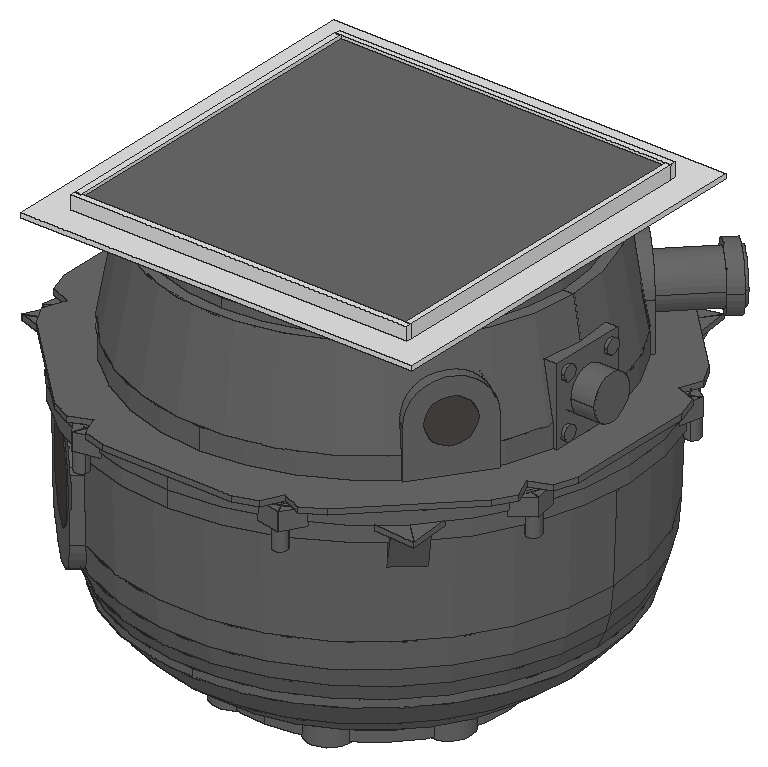
Revit family "281200s (200)", category Generic Models, Revit 2021
Family settings
  Can host rebar = No
  Round Connector Dimension = Use Diameter
  Part Type = Normal
  Work Plane-Based = No
  Always vertical = Yes
  Cut with Voids When Loaded = No
  Shared = Yes
  Room Calculation Point = No
Parameters (values of type "281200S")
  SUPPLIER = "KESSEL"
  SA700ID50 = "no"
  SA700ID49 = "Protection Class I"
  SA700ID48 = "no"
  SA700ID47 = "no"
  SA700ID46 = "yes"
  SA700ID37 = 9000 mm
  SA700ID34 = 15.5
  SA700ID33 = 1.4 W
  SA700ID32 = 17.92 kg
  SA700ID31 = 1
  SA700ID30 = 1
  SA700ID29 = "RWDR"
  SA700ID21 = 900
  SA700ID10 = "No"
  SA700ID08 = 230 V
  PROCUREWEBLINK = "https://p.caden.as/kessel/281200S"
  PROCURELINK = "p.caden.as/kessel/281200S"
  PROCUREDATALASTUPDATE = "2024-05-22T12:17:24.297080878+01:00"
  PRC_SPECIFICATIONLINK = "https://ausschreiben.de/catalog/kessel/catalogItem/5197d414-5d39-4807-8b5a-27041017a7ab"
  NN = "Lifting station Aqualift S compact"
  NBSYN = "$SA810ID03. ($LODLEVEL.)"
  NB = "281200S (200)"
  Model = "281200S"
  Manufacturer = "KESSEL"
  MIdent = "{$CADENAS_DATA/23d-libs/kessel/kessel_vdi_import/4/entwaesserung/hebeanlage20aqualift20s20compact.prj},216 {STYP=ASS},{VTYP=3D},{NB=281200S (200)},{LINA=281200S},{NN=Lifting station Aqualift S compact},{DATE=21.11.2022 10:40:35},{GEOMDATE=21.11.2022 10:40:35},{VERSION=},{LINEID=110},{WBVAR=LODLEVEL},{WBNUMERIC=LODLEVEL}  {NB=281200S (200)},{LINA=281200S},{KT=DUMMY},{PREVIEW=../../bilder/ksb_w_281200s.png},{SA700ID04=Hebeanlage Aqualift S Compact, Mono, GTF 1200, Bodenplatte, schwarz},{SA810ID06=04026092082621},{SA700ID34=15.50},{SA010ID03=201805},{SA810ID03=281200S},{SA810ID10=Die steckerfertige Hebeanlage für fäkalienfreies Abwasser ist mit einer überflutbaren Pumpe sowie einem Rückflussverhinderer ausgestattet. Der Sammelbehälter aus dauerhaft beständigem Kunststoff (PE) besitzt einen offenen Pumpenraum. Einhandverschlüsse ermöglichen die einfache Entnahme der integrierten Komponenten. Die Anlage zum Einbau in die Bodenplatte ist vormontiert zur bauseitigen Endmontage.- mit teleskopischem Aufsatzstück für stufenlosen Höhen- und Niveauausgleich und integriertem Bodenablauf- Sammelbehälter aus PE, beständig gegen aggressive Abwässer und 3 m Grundwasser- inklusive Rückflussverhinderer für die Druckleitung- inklusive Stutzen für Zulauf und Kabelleerrohr- Pumpe mit Freistromrad für höchste BetriebssicherheitAusführung:Anlagenart: EinzelanlagePumpensteuerung: SchwimmerschalterRückflussverhinderer: integriertAuslieferungszustand: installationsfertig (Verbindungsteile sind bauseits anzuschließen)Einbausituation: Einbau in die BodenplatteAbwasserart: fäkalienfreiAllgemeine Merkmale:Farbe: schwarzNorm: EN 12050-2Abmessungen:Länge: 617 mmBreite: 585 mmBehälter/Grundkörper:Zulauf Nennweite (DN): 100 mmDruckabgang (DN): 32 mmDruckabgang (DA): 40 mmEinbautiefe: 490 - 620 mmNutzvolumen: 16 lArt der Höhenverstellbarkeit: teleskopisches AufsatzstückAbdeckungsmerkmale:Abdeckungsart: Abdeckplatte mit SchlitzrostAbdeckung Material: KunststoffAbdeckung Farbe: schwarzBelastungsklasse: K 3 (EN 1253-1)Länge: 366 mmBreite: 366 mmVerriegelung: Lock & LiftFreier Kugeldurchgang: 30 mmFördereinrichtung:Pumpe: GTF 1200Anzahl Pumpen: 1Förderleistung max.: 15,5 m3/hFörderhöhe max.: 9 mBetriebsspannung: 230 VNetzfrequenz: 50 HzBetriebsart: S3 - 10 %Leistung P1: 1,4 kWLeistung P2: 0,84 kWDrehzahl: 2.650 U/minErforderliche Absicherung (Leitungsschutz): C 16 AFörderguttemperatur (dauerhaft) max.: 40 °CAnschlusstyp: Schuko 2-poligLaufrad Typ: FreistromradLänge Netzanschlussleitung Pumpe: 5 mNennstrom: 6,2 ASchutzart Pumpe: IP 68 (3m)Typ Anschlussleitung Pumpe: H07RN-F 3G 1,0 mm2Temperaturüberwachung: integriertSteuerung:Art Niveauerfassung: mechanischInstrument Niveauerfassung: Schwimmerschalter},{SA700ID37=9.00},{SA700ID33=1.40},{SA700ID08=230},{SA700ID30=1},{SA700ID32=17.92},{SA700ID49=Schutzklasse I},{SA700ID50=nein},{SA200ID03=6},{SA250ID03=vertikal},{SA260ID03=Trockenläuferpumpe},{SA350ID03=normalansaugend},{SA400ID03=E-Motor für Wechselstrom},{SA460ID03=direkt},{SA500ID03=Kunststoff, Edelstahl},{SA700ID06=32},{SA700ID07=100},{SA700ID09=1/N/PE 230V},{SA700ID10=Nein},{SA700ID11=50},{SA700ID12=IP 68},{SA700ID13=F},{SA700ID15=35},{SA700ID21=900.00},{SA700ID22=0.84},{SA700ID23=2650},{SA700ID24=2650},{SA700ID26=6.20},{SA700ID27=14.90},{SA700ID28=durchgehend},{SA700ID29=RWDR},{SA700ID31=1},{SA700ID46=ja},{SA700ID47=nein},{SA700ID48=nein},{SA110ID04=Hebeanlage Aqualift S Compact},{SA300ID03=einstufig},{SA700ID44=MIN},{SA700ID45=MIN},{SA010ID04=KESSEL AG},{LODLEVEL=200},{LINK=https://www.kessel.de/info?han=281200S},{SA970ID01=970},{SA970ID02=14121},{SA970ID03=281200S},{SA970ID04=11002617},{SA970ID05=QUAD},{SA970ID06=-326},{SA970ID07=-291.04},{SA970ID08=0},{SA970ID09=1},{SA970ID10=0},{SA970ID11=0},{SA970ID12=0},{SA970ID13=1},{SA970ID14=0},{SA970ID15=617.04},{SA970ID16=582.09},{SA970ID17=488.5},{LODLEVEL_=200,'Low'},{LODLEVEL_DEU=200,'Low'},{LINK_=https://www.kessel.de/info?han=281200S},{LINK_DEU=https://www.kessel.de/info?han=281200S},{LODLEVEL_3DB=281200S_200},{DNIN1=100},{DNIN2=125},{DNIN3=100},{DNIN4=100},{DNOUT1=70},{DNOUT2=32},{ISD1=60},{ISD2=10},{ISD3=10},{SA010ID01=010},{SA010ID02=4},{SA010ID06=www.kessel.de},{SA010ID07=www.kessel.de},{SA010ID12=20180713},{SA010ID13=DEU},{SA010ID14=DE},{SA100ID01=100},{SA100ID02=4},{SA100ID04=Entwässerung},{SA110ID01=110},{SA110ID02=30},{SA200ID01=200},{SA200ID02=6},{SA250ID01=250},{SA250ID02=2},{SA260ID01=260},{SA260ID02=2},{SA300ID01=300},{SA300ID02=1},{SA350ID01=350},{SA350ID02=1},{SA400ID01=400},{SA400ID02=1},{SA460ID01=460},{SA460ID02=1},{SA500ID01=500},{SA500ID02=1},{SA700ID01=700},{SA700ID02=198},{SA700ID10_=0},{SA700ID16=0},{SA700ID25=0},{SA700ID46_=1},{SA700ID47_=0},{SA700ID48_=0},{SA700ID49_=1},{SA700ID50_=0},{SA800ID01=800},{SA800ID02=13},{SA810ID01=810},{SA810ID02=198},{SA810ID04=281200S},{SA810ID07=198},{SA810ID09=1},{SA810ID14=PCE},{SA810ID15=1},{SA810ID16=NMP},{SA960ID03=198},{SA960ID04=3L},{SA960ID08=https://www.kessel.de/info?han=281200S},{SA010ID08=4026092000007},{SA100ID05=Hebeanlage},{SA110ID06=Hebeanlage}"
  LINK = "https://www.kessel.de/info?han=281200S"
  LINA = "281200S"
  Default Elevation = 0 mm
  CREATOR = "CADENAS GmbH"
  CATALOG = "KESSEL"
  BOMINFO = "LINA"
  ARTICLENO = "NB"
  4.810.00.9 Order quantity (multiplicator) = "1"
  4.810.00.7 Media- connection number = "198"
  4.810.00.6 GTIN number = "04026092082621"
  4.810.00.4 DATANORM number = "281200S"
  4.810.00.3 Producer order number = "281200S"
  4.710.03.7 Mass (net) = 17.92 kg
  4.710.03.6 Height = 490 mm
  4.710.03.5 Width = 580 mm
  4.710.03.4 Length = 620 mm
  4.710.03.3 Type of dimensions = "2"
  4.710.02.8 Area of application of wastewater pump = "2"
  4.710.02.7 Art des S2/S3-Betriebs = "50 %"
  4.710.02.6 Duty type = "S3"
  4.710.02.5 Cutting device = "0"
  4.710.02.4 Attached pump control = "1"
  4.710.02.3 Free passage = 30 mm
  4.710.01.6 Option to connect to building automation = "30"
  4.710.01.5 Load regulation = "0"
  4.710.01.4 Designation of closed-loop control = "16"
  4.700.00.9 Voltage = 0
  4.700.00.8 Nominal connection size on suction side = "100"
  4.700.00.7 Nominal connection size on pressure side = "100"
  4.700.00.6 Type of connection = "32"
  4.700.00.4 Product indentification = "Hebeanlage Aqualift S Compact, Mono, GTF 1200, Bodenplatte, schwarz"
  4.700.00.28 Motor pump shaft = "durchgehend"
  4.700.00.27 Starting current = 14.9
  4.700.00.26 Maximum power consumption per pump / drive = 6.2
  4.700.00.25 Minimum speed at internal speed adjustment = 0
  4.700.00.24 Nominal speed / maximum speed n = 44.1667
  4.700.00.23 Nominal speed of motor = 44.1667
  4.700.00.22 Maximum shaft output (P2) per pump/drive = 0.84 W
  4.700.00.16 Maximum temperature of pumped medium = 0 °C
  4.700.00.15 Increased safety class = "35 °C"
  4.700.00.13 Type of protection = "F"
  4.700.00.12 Frequency = 0
  4.700.00.11 Stern-/Dreieck-Anlaufschaltung bei Dreiphasenanschluss oder Drehstrom = "50 Hz"
  4.700.00.10 Phase = "0"
  4.500.00.3 Variant / Variant type / Accessories-name = "Kunststoff, Edelstahl"
  4.460.00.3 Variant / Variant type / Accessories-name = "direkt"
  4.400.00.3 Variant / Variant type / Accessories-name = "E-Motor für Wechselstrom"
  4.350.00.3 Variant / Variant type / Accessories-name = "normalansaugend"
  4.300.00.3 Variant / Variant type / Accessories-name = "einstufig"
  4.260.00.3 Variant / Variant type / Accessories-name = "Trockenläuferpumpe"
  4.250.00.3 Variant / Variant type / Accessories-name = "vertikal"
  4.200.00.3 Variant / Variant type / Accessories-name = "6"
  4.110.00.6 Product classification = "Hebeanlage"
  4.110.00.4 Product indentification = "Hebeanlage Aqualift S Compact"
  4.100.00.5 Main groups of wares = "Hebeanlage"
  4.100.00.4 Product indentification = "Entwässerung"
  4.010.00.8 Producer ID number = "4026092000007"
  4.010.00.7 Comment = "www.kessel.de"
  4.010.00.6 Web address of the manufacturer = "www.kessel.de"
  4.010.00.4 Manufacturer name = "KESSEL AG"
  4.010.00.3 Date of issuance (month) of guideline = "201805"
  4.010.00.2 Sheet number of the guideline = "4"
  4.010.00.14 Kennungen der Projektländer, für die die Datei gültig ist = "DE"
  4.010.00.13 Sprache der Datei = "DEU"
  4.010.00.12 Stand des Herstellerkatalogs = "20180713"
Reference planes
  plane 1 "Center (Front/Back)": y = 0
  plane 2: z = 0
  plane 3 "Center (Left/Right)": x = 0
Forms (mm)
  Extrusion 1, void
    sketch origin (-197.283, 197.283, 209) x (-0.707107, -0.707107, 0) y (0, 0, -1)
      loop
        line (-0.5, -0.5) -> (0.5, -0.5) -> (0.5, 0.5) -> (-0.5, 0.5) -> (-0.5, -0.5)
    from 0 to 1
  Extrusion 2, void
    sketch origin (-197.283, -197.283, 209) x (0.707107, -0.707107, 0) y (0, 0, -1)
      loop
        line (-0.5, -0.5) -> (0.5, -0.5) -> (0.5, 0.5) -> (-0.5, 0.5) -> (-0.5, -0.5)
    from 0 to 1
Dimensions and locks
  locked: plane 2 to Extrusion 1 at 208.5
  locked: plane 2 to Extrusion 1 at 209.5
  locked: plane 2 to Extrusion 2 at 208.5
  locked: plane 2 to Extrusion 2 at 209.5
  aligned and locked: level to plane 2
Nested families
  nested 1: "281200s (200)_content" at (0, 0, 0), type "281200S (200)_Content"
  nested 2: "281200s (200)_part1_X0Y0" at (0, 0, 0), type "281200S_PART1_X0Y0"
Connectors
  piping at (-326, 0, 209), diameter 125
    settings: on nested 2, index 1, connector inside diameter 609.6 mm, connector length 0 mm, flow factor 0, pipe flow 0.0 L/s, pressure drop 0.0 Pa, fitting loss kfactor 0, connector angle 0.00°, fixture units 0, engagement length 0 mm, angle of deflection 0.00°, flow configuration 0, flow direction 1, fitting loss method 2, system type 29, joint type 0, gender type 0, connector reference index -1, connector utility 0, adjustable connector no, is connector primary yes, connector description ""
  piping at (-197.283, 197.283, 209), diameter 100
    settings: on Extrusion 1, index 2, connector inside diameter 609.6 mm, connector length 0 mm, flow factor 0, pipe flow 0.0 L/s, pressure drop 0.0 Pa, fitting loss kfactor 0, connector angle 0.00°, fixture units 0, engagement length 0 mm, angle of deflection 0.00°, flow configuration 0, flow direction 0, fitting loss method 2, system type 29, joint type 0, gender type 0, connector reference index -1, connector utility 0, adjustable connector no, is connector primary no, connector description ""
  piping at (-197.283, -197.283, 209), diameter 100
    settings: on Extrusion 2, index 3, connector inside diameter 609.6 mm, connector length 0 mm, flow factor 0, pipe flow 0.0 L/s, pressure drop 0.0 Pa, fitting loss kfactor 0, connector angle 0.00°, fixture units 0, engagement length 0 mm, angle of deflection 0.00°, flow configuration 0, flow direction 0, fitting loss method 2, system type 29, joint type 0, gender type 0, connector reference index -1, connector utility 0, adjustable connector no, is connector primary no, connector description ""
  piping at (-245.75, 0, 370), diameter 70
    settings: on nested 2, index 4, connector inside diameter 609.6 mm, connector length 0 mm, flow factor 0, pipe flow 0.0 L/s, pressure drop 0.0 Pa, fitting loss kfactor 0, connector angle 0.00°, fixture units 0, engagement length 0 mm, angle of deflection 0.00°, flow configuration 0, flow direction 0, fitting loss method 2, system type 29, joint type 0, gender type 0, connector reference index -1, connector utility 0, adjustable connector no, is connector primary no, connector description ""
  piping at (272.5, -3, 363.25), diameter 32
    settings: on nested 2, index 5, connector inside diameter 609.6 mm, connector length 0 mm, flow factor 0, pipe flow 0.0 L/s, pressure drop 0.0 Pa, fitting loss kfactor 0, connector angle 0.00°, fixture units 0, engagement length 0 mm, angle of deflection 0.00°, flow configuration 0, flow direction 2, fitting loss method 2, system type 29, joint type 0, gender type 0, connector reference index -1, connector utility 0, adjustable connector no, is connector primary no, connector description ""
  electrical at (227.236, 241.378, 376)
    settings: on nested 2, index 6, voltage 0 V, apparent load 0 VA, apparent load phase1 0 VA, apparent load phase2 0 VA, apparent load phase3 0 VA, power factor 1, load classification "Other", number of poles 1, system type 31, power factor state 1, is connector primary yes, connector utility no, sub classification motor no, connector description ""
  electrical at (241.378, 227.236, 364)
    settings: on nested 2, index 7, voltage 0 V, apparent load 0 VA, apparent load phase1 0 VA, apparent load phase2 0 VA, apparent load phase3 0 VA, power factor 1, load classification "Other", number of poles 1, system type 31, power factor state 1, is connector primary no, connector utility no, sub classification motor no, connector description ""
  electrical at (241.378, 227.236, 376)
    settings: on nested 2, index 8, voltage 0 V, apparent load 0 VA, apparent load phase1 0 VA, apparent load phase2 0 VA, apparent load phase3 0 VA, power factor 1, load classification "Other", number of poles 1, system type 31, power factor state 1, is connector primary no, connector utility no, sub classification motor no, connector description ""
  electrical at (227.236, 241.378, 364)
    settings: on nested 2, index 9, voltage 0 V, apparent load 0 VA, apparent load phase1 0 VA, apparent load phase2 0 VA, apparent load phase3 0 VA, power factor 1, load classification "Other", number of poles 1, system type 31, power factor state 1, is connector primary no, connector utility no, sub classification motor no, connector description ""
Definition of nested family "281200s (200)_part1_X0Y0"
  Parameters (values of type "281200S_PART1_X0Y0")
    SUPPLIER = "KESSEL"
    SA700ID50 = "no"
    SA700ID49 = "Protection Class I"
    SA700ID48 = "no"
    SA700ID47 = "no"
    SA700ID46 = "yes"
    SA700ID37 = 9000 mm
    SA700ID34 = 15.5
    SA700ID33 = 1.4 W
    SA700ID32 = 17.92 kg
    SA700ID31 = 1
    SA700ID30 = 1
    SA700ID29 = "RWDR"
    SA700ID21 = 900
    SA700ID10 = "No"
    SA700ID08 = 230 V
    NBSYN = "$SA810ID03. ($LODLEVEL.)_PART1"
    NB = "281200S (200)_PART1"
    Model = "281200S_PART1"
    Manufacturer = "KESSEL"
    MIdent = "{$CADENAS_DATA/23d-libs/kessel/kessel_vdi_import/4/entwaesserung/hebeanlage20aqualift20s20compact.prj},236 {VTYP=3D},{NB=281200S (200)_PART1},{LINA=281200S_PART1},{NN=Lifting station Aqualift S compact_PART1},{NOPRJ=TRUE},{DATE=21.11.2022 10:40:35},{GEOMDATE=21.11.2022 10:40:35},{VERSION=},{LINEID=110},{WBVAR=LODLEVEL},{WBNUMERIC=LODLEVEL}  {NB=281200S (200)_PART1},{LINA=281200S_PART1},{KT=DUMMY},{PREVIEW=../../bilder/ksb_w_281200s.png},{SA700ID04=Hebeanlage Aqualift S Compact, Mono, GTF 1200, Bodenplatte, schwarz},{SA810ID06=04026092082621},{SA700ID34=15.50},{SA010ID03=201805},{SA810ID03=281200S},{SA810ID10=Die steckerfertige Hebeanlage für fäkalienfreies Abwasser ist mit einer überflutbaren Pumpe sowie einem Rückflussverhinderer ausgestattet. Der Sammelbehälter aus dauerhaft beständigem Kunststoff (PE) besitzt einen offenen Pumpenraum. Einhandverschlüsse ermöglichen die einfache Entnahme der integrierten Komponenten. Die Anlage zum Einbau in die Bodenplatte ist vormontiert zur bauseitigen Endmontage.- mit teleskopischem Aufsatzstück für stufenlosen Höhen- und Niveauausgleich und integriertem Bodenablauf- Sammelbehälter aus PE, beständig gegen aggressive Abwässer und 3 m Grundwasser- inklusive Rückflussverhinderer für die Druckleitung- inklusive Stutzen für Zulauf und Kabelleerrohr- Pumpe mit Freistromrad für höchste BetriebssicherheitAusführung:Anlagenart: EinzelanlagePumpensteuerung: SchwimmerschalterRückflussverhinderer: integriertAuslieferungszustand: installationsfertig (Verbindungsteile sind bauseits anzuschließen)Einbausituation: Einbau in die BodenplatteAbwasserart: fäkalienfreiAllgemeine Merkmale:Farbe: schwarzNorm: EN 12050-2Abmessungen:Länge: 617 mmBreite: 585 mmBehälter/Grundkörper:Zulauf Nennweite (DN): 100 mmDruckabgang (DN): 32 mmDruckabgang (DA): 40 mmEinbautiefe: 490 - 620 mmNutzvolumen: 16 lArt der Höhenverstellbarkeit: teleskopisches AufsatzstückAbdeckungsmerkmale:Abdeckungsart: Abdeckplatte mit SchlitzrostAbdeckung Material: KunststoffAbdeckung Farbe: schwarzBelastungsklasse: K 3 (EN 1253-1)Länge: 366 mmBreite: 366 mmVerriegelung: Lock & LiftFreier Kugeldurchgang: 30 mmFördereinrichtung:Pumpe: GTF 1200Anzahl Pumpen: 1Förderleistung max.: 15,5 m3/hFörderhöhe max.: 9 mBetriebsspannung: 230 VNetzfrequenz: 50 HzBetriebsart: S3 - 10 %Leistung P1: 1,4 kWLeistung P2: 0,84 kWDrehzahl: 2.650 U/minErforderliche Absicherung (Leitungsschutz): C 16 AFörderguttemperatur (dauerhaft) max.: 40 °CAnschlusstyp: Schuko 2-poligLaufrad Typ: FreistromradLänge Netzanschlussleitung Pumpe: 5 mNennstrom: 6,2 ASchutzart Pumpe: IP 68 (3m)Typ Anschlussleitung Pumpe: H07RN-F 3G 1,0 mm2Temperaturüberwachung: integriertSteuerung:Art Niveauerfassung: mechanischInstrument Niveauerfassung: Schwimmerschalter},{SA700ID37=9.00},{SA700ID33=1.40},{SA700ID08=230},{SA700ID30=1},{SA700ID32=17.92},{SA700ID49=Schutzklasse I},{SA700ID50=nein},{SA200ID03=6},{SA250ID03=vertikal},{SA260ID03=Trockenläuferpumpe},{SA350ID03=normalansaugend},{SA400ID03=E-Motor für Wechselstrom},{SA460ID03=direkt},{SA500ID03=Kunststoff, Edelstahl},{SA700ID06=32},{SA700ID07=100},{SA700ID09=1/N/PE 230V},{SA700ID10=Nein},{SA700ID11=50},{SA700ID12=IP 68},{SA700ID13=F},{SA700ID15=35},{SA700ID21=900.00},{SA700ID22=0.84},{SA700ID23=2650},{SA700ID24=2650},{SA700ID26=6.20},{SA700ID27=14.90},{SA700ID28=durchgehend},{SA700ID29=RWDR},{SA700ID31=1},{SA700ID46=ja},{SA700ID47=nein},{SA700ID48=nein},{SA110ID04=Hebeanlage Aqualift S Compact},{SA300ID03=einstufig},{SA700ID44=MIN},{SA700ID45=MIN},{SA010ID04=KESSEL AG},{LODLEVEL=200},{LINK=https://www.kessel.de/info?han=281200S},{SA970ID01=970},{SA970ID02=14121},{SA970ID03=281200S},{SA970ID04=11002617},{SA970ID05=QUAD},{SA970ID06=-326},{SA970ID07=-291.04},{SA970ID08=0},{SA970ID09=1},{SA970ID10=0},{SA970ID11=0},{SA970ID12=0},{SA970ID13=1},{SA970ID14=0},{SA970ID15=617.04},{SA970ID16=582.09},{SA970ID17=488.5},{LODLEVEL_=200,'Low'},{LODLEVEL_DEU=200,'Low'},{LINK_=https://www.kessel.de/info?han=281200S},{LINK_DEU=https://www.kessel.de/info?han=281200S},{LODLEVEL_3DB=281200S_200},{DNIN1=100},{DNIN2=125},{DNIN3=100},{DNIN4=100},{DNOUT1=70},{DNOUT2=32},{ISD1=60},{ISD2=10},{ISD3=10},{SA010ID01=010},{SA010ID02=4},{SA010ID06=www.kessel.de},{SA010ID07=www.kessel.de},{SA010ID12=20180713},{SA010ID13=DEU},{SA010ID14=DE},{SA100ID01=100},{SA100ID02=4},{SA100ID04=Entwässerung},{SA110ID01=110},{SA110ID02=30},{SA200ID01=200},{SA200ID02=6},{SA250ID01=250},{SA250ID02=2},{SA260ID01=260},{SA260ID02=2},{SA300ID01=300},{SA300ID02=1},{SA350ID01=350},{SA350ID02=1},{SA400ID01=400},{SA400ID02=1},{SA460ID01=460},{SA460ID02=1},{SA500ID01=500},{SA500ID02=1},{SA700ID01=700},{SA700ID02=198},{SA700ID10_=0},{SA700ID16=0},{SA700ID25=0},{SA700ID46_=1},{SA700ID47_=0},{SA700ID48_=0},{SA700ID49_=1},{SA700ID50_=0},{SA800ID01=800},{SA800ID02=13},{SA810ID01=810},{SA810ID02=198},{SA810ID04=281200S},{SA810ID07=198},{SA810ID09=1},{SA810ID14=PCE},{SA810ID15=1},{SA810ID16=NMP},{SA960ID03=198},{SA960ID04=3L},{SA960ID08=https://www.kessel.de/info?han=281200S},{SA010ID08=4026092000007},{SA100ID05=Hebeanlage},{SA110ID06=Hebeanlage}"
    LINK = "https://www.kessel.de/info?han=281200S"
    LINA = "281200S_PART1"
    Default Elevation = 1219.2 mm
    CREATOR = "CADENAS GmbH"
    CATALOG = "KESSEL"
    BOMINFO = "LINA"
    ARTICLENO = "NB"
    4.810.00.9 Order quantity (multiplicator) = "1"
    4.810.00.7 Media- connection number = "198"
    4.810.00.6 GTIN number = "04026092082621"
    4.810.00.4 DATANORM number = "281200S"
    4.810.00.3 Producer order number = "281200S"
    4.710.03.7 Mass (net) = 17.92 kg
    4.710.03.6 Height = 490 mm
    4.710.03.5 Width = 580 mm
    4.710.03.4 Length = 620 mm
    4.710.03.3 Type of dimensions = "2"
    4.710.02.8 Area of application of wastewater pump = "2"
    4.710.02.7 Art des S2/S3-Betriebs = "50 %"
    4.710.02.6 Duty type = "S3"
    4.710.02.5 Cutting device = "0"
    4.710.02.4 Attached pump control = "1"
    4.710.02.3 Free passage = 30 mm
    4.710.01.6 Option to connect to building automation = "30"
    4.710.01.5 Load regulation = "0"
    4.710.01.4 Designation of closed-loop control = "16"
    4.700.00.9 Voltage = 0
    4.700.00.8 Nominal connection size on suction side = "100"
    4.700.00.7 Nominal connection size on pressure side = "100"
    4.700.00.6 Type of connection = "32"
    4.700.00.4 Product indentification = "Hebeanlage Aqualift S Compact, Mono, GTF 1200, Bodenplatte, schwarz"
    4.700.00.28 Motor pump shaft = "durchgehend"
    4.700.00.27 Starting current = 14.9
    4.700.00.26 Maximum power consumption per pump / drive = 6.2
    4.700.00.25 Minimum speed at internal speed adjustment = 0
    4.700.00.24 Nominal speed / maximum speed n = 44.1667
    4.700.00.23 Nominal speed of motor = 44.1667
    4.700.00.22 Maximum shaft output (P2) per pump/drive = 0.84 W
    4.700.00.16 Maximum temperature of pumped medium = 0 °C
    4.700.00.15 Increased safety class = "35 °C"
    4.700.00.13 Type of protection = "F"
    4.700.00.12 Frequency = 0
    4.700.00.11 Stern-/Dreieck-Anlaufschaltung bei Dreiphasenanschluss oder Drehstrom = "50 Hz"
    4.700.00.10 Phase = "0"
    4.500.00.3 Variant / Variant type / Accessories-name = "Kunststoff, Edelstahl"
    4.460.00.3 Variant / Variant type / Accessories-name = "direkt"
    4.400.00.3 Variant / Variant type / Accessories-name = "E-Motor für Wechselstrom"
    4.350.00.3 Variant / Variant type / Accessories-name = "normalansaugend"
    4.300.00.3 Variant / Variant type / Accessories-name = "einstufig"
    4.260.00.3 Variant / Variant type / Accessories-name = "Trockenläuferpumpe"
    4.250.00.3 Variant / Variant type / Accessories-name = "vertikal"
    4.200.00.3 Variant / Variant type / Accessories-name = "6"
    4.110.00.6 Product classification = "Hebeanlage"
    4.110.00.4 Product indentification = "Hebeanlage Aqualift S Compact"
    4.100.00.5 Main groups of wares = "Hebeanlage"
    4.100.00.4 Product indentification = "Entwässerung"
    4.010.00.8 Producer ID number = "4026092000007"
    4.010.00.7 Comment = "www.kessel.de"
    4.010.00.6 Web address of the manufacturer = "www.kessel.de"
    4.010.00.4 Manufacturer name = "KESSEL AG"
    4.010.00.3 Date of issuance (month) of guideline = "201805"
    4.010.00.2 Sheet number of the guideline = "4"
    4.010.00.14 Kennungen der Projektländer, für die die Datei gültig ist = "DE"
    4.010.00.13 Sprache der Datei = "DEU"
    4.010.00.12 Stand des Herstellerkatalogs = "20180713"
  Reference planes
    plane 1 "Center (Front/Back)": y = 0
    plane 2: z = 0
    plane 3 "Center (Left/Right)": x = 0
  Dimensions and locks
    aligned and locked: level to plane 2
  Nested families
    nested 1: "281200s (200)_part1_content" at (0, 0, 0), type "281200S (200)_PART1_Content"
  Definition of nested family "281200s (200)_part1_content"
    Parameters (values of type "281200S (200)_PART1_Content")
      SUPPLIER = "KESSEL"
      SA700ID50 = "no"
      SA700ID49 = "Protection Class I"
      SA700ID48 = "no"
      SA700ID47 = "no"
      SA700ID46 = "yes"
      SA700ID37 = 9000 mm
      SA700ID34 = 15.5
      SA700ID33 = 1.4 W
      SA700ID32 = 17.92 kg
      SA700ID31 = 1
      SA700ID30 = 1
      SA700ID29 = "RWDR"
      SA700ID21 = 900
      SA700ID10 = "No"
      SA700ID08 = 230 V
      NBSYN = "$SA810ID03. ($LODLEVEL.)_PART1"
      NB = "281200S (200)_PART1"
      Model = "281200S_PART1"
      Manufacturer = "KESSEL"
      LINK = "https://www.kessel.de/info?han=281200S"
      LINA = "281200S_PART1"
      Default Elevation = 1219.2 mm
      CREATOR = "CADENAS GmbH"
      CATALOG = "KESSEL"
      BOMINFO = "LINA"
      ARTICLENO = "NB"
      4.810.00.9 Order quantity (multiplicator) = "1"
      4.810.00.7 Media- connection number = "198"
      4.810.00.6 GTIN number = "04026092082621"
      4.810.00.4 DATANORM number = "281200S"
      4.810.00.3 Producer order number = "281200S"
      4.710.03.7 Mass (net) = 17.92 kg
      4.710.03.6 Height = 490 mm
      4.710.03.5 Width = 580 mm
      4.710.03.4 Length = 620 mm
      4.710.03.3 Type of dimensions = "2"
      4.710.02.8 Area of application of wastewater pump = "2"
      4.710.02.7 Art des S2/S3-Betriebs = "50 %"
      4.710.02.6 Duty type = "S3"
      4.710.02.5 Cutting device = "0"
      4.710.02.4 Attached pump control = "1"
      4.710.02.3 Free passage = 30 mm
      4.710.01.6 Option to connect to building automation = "30"
      4.710.01.5 Load regulation = "0"
      4.710.01.4 Designation of closed-loop control = "16"
      4.700.00.9 Voltage = 0
      4.700.00.8 Nominal connection size on suction side = "100"
      4.700.00.7 Nominal connection size on pressure side = "100"
      4.700.00.6 Type of connection = "32"
      4.700.00.4 Product indentification = "Hebeanlage Aqualift S Compact, Mono, GTF 1200, Bodenplatte, schwarz"
      4.700.00.28 Motor pump shaft = "durchgehend"
      4.700.00.27 Starting current = 14.9
      4.700.00.26 Maximum power consumption per pump / drive = 6.2
      4.700.00.25 Minimum speed at internal speed adjustment = 0
      4.700.00.24 Nominal speed / maximum speed n = 44.1667
      4.700.00.23 Nominal speed of motor = 44.1667
      4.700.00.22 Maximum shaft output (P2) per pump/drive = 0.84 W
      4.700.00.16 Maximum temperature of pumped medium = 0 °C
      4.700.00.15 Increased safety class = "35 °C"
      4.700.00.13 Type of protection = "F"
      4.700.00.12 Frequency = 0
      4.700.00.11 Stern-/Dreieck-Anlaufschaltung bei Dreiphasenanschluss oder Drehstrom = "50 Hz"
      4.700.00.10 Phase = "0"
      4.500.00.3 Variant / Variant type / Accessories-name = "Kunststoff, Edelstahl"
      4.460.00.3 Variant / Variant type / Accessories-name = "direkt"
      4.400.00.3 Variant / Variant type / Accessories-name = "E-Motor für Wechselstrom"
      4.350.00.3 Variant / Variant type / Accessories-name = "normalansaugend"
      4.300.00.3 Variant / Variant type / Accessories-name = "einstufig"
      4.260.00.3 Variant / Variant type / Accessories-name = "Trockenläuferpumpe"
      4.250.00.3 Variant / Variant type / Accessories-name = "vertikal"
      4.200.00.3 Variant / Variant type / Accessories-name = "6"
      4.110.00.6 Product classification = "Hebeanlage"
      4.110.00.4 Product indentification = "Hebeanlage Aqualift S Compact"
      4.100.00.5 Main groups of wares = "Hebeanlage"
      4.100.00.4 Product indentification = "Entwässerung"
      4.010.00.8 Producer ID number = "4026092000007"
      4.010.00.7 Comment = "www.kessel.de"
      4.010.00.6 Web address of the manufacturer = "www.kessel.de"
      4.010.00.4 Manufacturer name = "KESSEL AG"
      4.010.00.3 Date of issuance (month) of guideline = "201805"
      4.010.00.2 Sheet number of the guideline = "4"
      4.010.00.14 Kennungen der Projektländer, für die die Datei gültig ist = "DE"
      4.010.00.13 Sprache der Datei = "DEU"
      4.010.00.12 Stand des Herstellerkatalogs = "20180713"
    Reference planes
      plane 1 "Center (Front/Back)": y = 0
      plane 2: z = 0
      plane 3 "Center (Left/Right)": x = 0
    Forms (mm)
      Extrusion 1, solid, detail levels medium+fine
        sketch origin (0, 0, 2) x (0, 1, 0) y (-1, 0, 0)
          loop
            circle (0, 0) r 153
        from 0 to 26.5
      Revolve 2, solid, detail levels medium+fine
        sketch origin (0, 0, 21) x (0, 0, 1) y (-1, 0, 0)
          loop
            line (0, 0) -> (16, 0) -> (16, 193) -> (0, 153) -> (0, 0)
          axis (16, 0) -> (0, 0)
        angle from -360 to 0
      Revolve 3, solid, detail levels medium+fine
        sketch origin (0, 0, 37) x (0, 0, 1) y (-1, 0, 0)
          loop
            line (0, 0) -> (24, 0) -> (24, 225) -> (0, 193) -> (0, 0)
          axis (24, 0) -> (0, 0)
        angle from -360 to 0
      Revolve 4, solid, detail levels medium+fine
        sketch origin (0, 0, 61) x (0, 0, 1) y (-1, 0, 0)
          loop
            line (0, 0) -> (33, 0) -> (33, 255) -> (0, 225) -> (0, 0)
          axis (33, 0) -> (0, 0)
        angle from -360 to 0
      Extrusion 5, solid, detail levels medium+fine
        sketch origin (0, 0, 94) x (0, 1, 0) y (-1, 0, 0)
          loop
            circle (0, 0) r 255
        from 0 to 9
      Revolve 6, solid, detail levels medium+fine
        sketch origin (0, 0, 103) x (0, 0, 1) y (-1, 0, 0)
          loop
            line (0, 0) -> (18, 0) -> (18, 263.5) -> (0, 255) -> (0, 0)
          axis (18, 0) -> (0, 0)
        angle from -360 to 0
      Revolve 7, solid, detail levels medium+fine
        sketch origin (0, 0, 121) x (0, 0, 1) y (-1, 0, 0)
          loop
            line (0, 0) -> (20, 0) -> (20, 269.5) -> (0, 263.5) -> (0, 0)
          axis (20, 0) -> (0, 0)
        angle from -360 to 0
      Revolve 8, solid, detail levels medium+fine
        sketch origin (0, 0, 141) x (0, 0, 1) y (-1, 0, 0)
          loop
            line (0, 0) -> (30, 0) -> (30, 272.75) -> (0, 269.5) -> (0, 0)
          axis (30, 0) -> (0, 0)
        angle from -360 to 0
      Revolve 9, solid, detail levels medium+fine
        sketch origin (0, 0, 171) x (0, 0, 1) y (-1, 0, 0)
          loop
            line (0, 0) -> (111, 0) -> (111, 277) -> (0, 272.75) -> (0, 0)
          axis (111, 0) -> (0, 0)
        angle from -360 to 0
      Extrusion 10, solid, detail levels medium+fine
        sketch origin (0, 0, 282) x (0, 1, 0) y (-1, 0, 0)
          loop
            circle (0, 0) r 290.5
        from 0 to 18
      Extrusion 11, solid, detail levels medium+fine
        sketch origin (0, 0, 300) x (0, 1, 0) y (-1, 0, 0)
          loop
            circle (0, 0) r 291
        from 0 to 14
      Extrusion 12, solid, detail levels medium+fine
        sketch origin (0, 0, 314) x (1, 0, 0) y (0, 1, 0)
          loop
            line (-291.044, -72.937) -> (-283.487, -98.291) -> (-260.422, -107.913) -> (-269.955, -130.928) -> (-257.458, -154.14) -> (-154.225, -257.373) -> (-130.953, -269.958) -> (-107.84, -260.453) -> (-98.307, -283.467) -> (-73.056, -291.044) -> (72.937, -291.044) -> (98.291, -283.487) -> (107.913, -260.422) -> (130.928, -269.955) -> (154.14, -257.458) -> (257.694, -153.632) -> (269.958, -130.953) -> (260.394, -107.864) -> (283.467, -98.307) -> (291.044, -73.056) -> (291.044, 72.937) -> (283.487, 98.291) -> (260.422, 107.913) -> (269.955, 130.928) -> (257.458, 154.14) -> (154.225, 257.373) -> (130.953, 269.958) -> (107.84, 260.453) -> (98.307, 283.467) -> (73.056, 291.044) -> (-72.937, 291.044) -> (-98.291, 283.487) -> (-107.913, 260.422) -> (-130.928, 269.955) -> (-154.14, 257.458) -> (-257.373, 154.225) -> (-269.958, 130.953) -> (-260.453, 107.84) -> (-283.467, 98.307) -> (-291.044, 73.056) -> (-291.044, -72.937)
        from 0 to 6
      Extrusion 13, solid, detail levels medium+fine
        sketch origin (0, 0, 320) x (0, 1, 0) y (-1, 0, 0)
          loop
            circle (0, 0) r 245.25
        from 0 to 24.5
      Revolve 14, solid, detail levels medium+fine
        sketch origin (0, 0, 344.5) x (0, 0, 1) y (-1, 0, 0)
          loop
            line (0, 0) -> (106.5, 0) -> (106.5, 227) -> (0, 245.25) -> (0, 0)
          axis (106.5, 0) -> (0, 0)
        angle from -360 to 0
      Extrusion 15, solid, detail levels medium+fine
        sketch origin (0, 0, 451) x (0, 1, 0) y (-1, 0, 0)
          loop
            circle (0, 0) r 214.5
        from 0 to 10
      Extrusion 16, solid, detail levels medium+fine
        sketch origin (-190, -190, 461) x (0, 1, 0) y (0, 0, 1)
          loop
            line (0, 7.5) -> (0, 0) -> (380, 0) -> (380, 7.5) -> (0, 7.5)
        from 0 to 380
      Extrusion 17, solid, detail levels medium+fine
        sketch origin (0, 0, 461) x (0, 1, 0) y (-1, 0, 0)
          loop
            circle (0, 0) r 208.5
        from 0 to 7.5
      Extrusion 18, solid, detail levels medium+fine
        sketch origin (-222, -222, 468.5) x (0, 1, 0) y (0, 0, 1)
          loop
            line (0, 5) -> (0, 0) -> (444, 0) -> (444, 5) -> (0, 5)
        from 0 to 444
      Extrusion 19, solid, detail levels medium+fine
        sketch origin (-184, -184, 473.5) x (0, 1, 0) y (0, 0, 1)
          loop
            line (0, 12) -> (0, 0) -> (368, 0) -> (368, 12) -> (0, 12)
        from 0 to 368
      Extrusion 20, solid, detail levels medium+fine
        sketch origin (0, 60, 320) x (0, -1, 0) y (0, 0, 1)
          loop
            line (0, 50) -> (0, 0) -> (120, 0) -> (120, 50) -> (0, 50)
        from 0 to 245.5
      Extrusion 21, solid, detail levels medium+fine
        sketch origin (0, 0, 370) x (0, -1, 0) y (0, 0, 1)
          loop
            circle (0, 0) r 60
        from 0 to 245.5
      Extrusion 22, solid, detail levels medium+fine
        sketch origin (-244, 0, 370) x (0, -1, 0) y (0, 0, 1)
          loop
            circle (0, 0) r 35.1
        from 0 to 1.75
      Extrusion 23, solid, detail levels medium+fine
        sketch origin (31.82, -31.82, 320) x (-0.707107, 0.707107, 0) y (0, 0, 1)
          loop
            line (0, 55.25) -> (0, 0) -> (90, 0) -> (90, 55.25) -> (0, 55.25)
        from 0 to 245.5
      Extrusion 24, solid, detail levels medium+fine
        sketch origin (0, 0, 375.25) x (-0.707107, 0.707107, 0) y (0, 0, 1)
          loop
            circle (0, 0) r 45
        from 0 to 245.5
      Extrusion 25, solid, detail levels medium+fine
        sketch origin (0, 0, 370) x (-0.707107, 0.707107, 0) y (0, 0, 1)
          loop
            circle (0, 0) r 27.7
        from 0 to 311.36
      Extrusion 26, solid, detail levels medium+fine
        sketch origin (0, 27.5, 332.75) x (0, 1, 0) y (0, 0, 1)
          loop
            circle (0, 0) r 8
        from 0 to 250
      Extrusion 27, solid, detail levels medium+fine
        sketch origin (0, -46.25, 320) x (0, 1, 0) y (0, 0, 1)
          loop
            line (0, 86.5) -> (0, 0) -> (86.5, 0) -> (86.5, 86.5) -> (0, 86.5)
        from 0 to 245.5
      Extrusion 28, solid, detail levels medium+fine
        sketch origin (0, -3, 363.25) x (0, 1, 0) y (0, 0, 1)
          loop
            circle (0, 0) r 24.75
        from 0 to 272.5
      Extrusion 29, solid, detail levels medium+fine
        sketch origin (0, 27.5, 393.75) x (0, 1, 0) y (0, 0, 1)
          loop
            circle (0, 0) r 8
        from 0 to 250
      Extrusion 30, solid, detail levels medium+fine
        sketch origin (0, -33.5, 332.75) x (0, 1, 0) y (0, 0, 1)
          loop
            circle (0, 0) r 8
        from 0 to 250
      Extrusion 31, solid, detail levels medium+fine
        sketch origin (0, -33.5, 393.75) x (0, 1, 0) y (0, 0, 1)
          loop
            circle (0, 0) r 8
        from 0 to 250
      Extrusion 32, solid, detail levels medium+fine
        sketch origin (-25.811, -36.862, 320) x (0.573577, 0.819152, 0) y (0, 0, 1)
          loop
            line (0, 55.25) -> (0, 0) -> (90, 0) -> (90, 55.25)
            arc (90, 55.25) -> (45, 100.25) -> (0, 55.25) r 45
        from 0 to 245.5
      Extrusion 33, solid, detail levels medium+fine
        sketch origin (199.873, -139.953, 375.25) x (0.573577, 0.819152, 0) y (0, 0, 1)
          loop
            circle (0, 0) r 25
        from 0 to 1.75
      Extrusion 34, solid, detail levels medium+fine
        sketch origin (-53.002, 127.957, 0) x (-0.92388, -0.382683, 0) y (0.382683, -0.92388, 0)
          loop
            circle (0, 0) r 25
        from 0 to 28.5
      Extrusion 35, solid, detail levels medium+fine
        sketch origin (-127.957, -53.002, 0) x (0.382683, -0.92388, 0) y (0.92388, 0.382683, 0)
          loop
            circle (0, 0) r 25
        from 0 to 28.5
      Extrusion 36, solid, detail levels medium+fine
        sketch origin (53.002, -127.957, 0) x (0.92388, 0.382683, 0) y (-0.382683, 0.92388, 0)
          loop
            circle (0, 0) r 25
        from 0 to 28.5
      Extrusion 37, solid, detail levels medium+fine
        sketch origin (53.002, 127.957, 0) x (-0.923879, 0.382684, 0) y (-0.382684, -0.923879, 0)
          loop
            circle (0, 0) r 25
        from 0 to 28.5
      Extrusion 38, solid, detail levels medium+fine
        sketch origin (-127.957, 53.002, 0) x (-0.382684, -0.923879, 0) y (0.923879, -0.382684, 0)
          loop
            circle (0, 0) r 25
        from 0 to 28.5
      Extrusion 39, solid, detail levels medium+fine
        sketch origin (-53.002, -127.957, 0) x (0.923879, -0.382684, 0) y (0.382684, 0.923879, 0)
          loop
            circle (0, 0) r 25
        from 0 to 28.5
      Extrusion 40, solid, detail levels medium+fine
        sketch origin (127.957, -53.002, 0) x (0.382684, 0.923879, 0) y (-0.923879, 0.382684, 0)
          loop
            circle (0, 0) r 25
        from 0 to 28.5
      Extrusion 41, solid, detail levels medium+fine
        sketch origin (127.957, 53.002, 0) x (-0.382683, 0.92388, 0) y (-0.92388, -0.382683, 0)
          loop
            circle (0, 0) r 25
        from 0 to 28.5
      Extrusion 42, solid, detail levels medium+fine
        sketch origin (0, 0, 209) x (0, -1, 0) y (0, 0, 1)
          loop
            line (-72.693, 35.337) -> (-68.918, -37.767)
            arc (-68.918, -37.767) -> (-63.198, -56.139) -> (-50.593, -70.678) r 46.983
            line (-50.593, -70.678) -> (-49.193, -71.697)
            arc (-49.193, -71.697) -> (-25.794, -83.147) -> (0, -86.788) r 83.079
            arc (0, -86.788) -> (25.794, -83.147) -> (49.193, -71.697) r 83.079
            line (49.193, -71.697) -> (50.593, -70.678)
            arc (50.593, -70.678) -> (63.198, -56.139) -> (68.918, -37.767) r 46.983
            line (68.918, -37.767) -> (72.693, 35.337)
            arc (72.693, 35.337) -> (71.616, 38.805) -> (69.783, 41.939) r 15.989
            arc (69.783, 41.939) -> (60.032, 51.336) -> (48.652, 58.679) r 69.984
            line (48.652, 58.679) -> (47.252, 59.417)
            arc (47.252, 59.417) -> (24.369, 68.322) -> (0, 71.344) r 99.373
            arc (0, 71.344) -> (-24.369, 68.322) -> (-47.252, 59.417) r 99.373
            line (-47.252, 59.417) -> (-48.652, 58.679)
            arc (-48.652, 58.679) -> (-60.032, 51.336) -> (-69.783, 41.939) r 69.984
            arc (-69.783, 41.939) -> (-71.616, 38.805) -> (-72.693, 35.337) r 15.989
        from 0 to 277.5
      Extrusion 43, solid, detail levels medium+fine
        sketch origin (0, 0, 209) x (0, -1, 0) y (0, 0, 1)
          loop
            circle (0, 0) r 55
        from 0 to 326
      Extrusion 44, solid, detail levels medium+fine
        sketch origin (0, 0, 209) x (0.707107, -0.707107, 0) y (0, 0, 1)
          loop
            line (-72.693, 35.337) -> (-68.918, -37.767)
            arc (-68.918, -37.767) -> (-63.198, -56.139) -> (-50.593, -70.678) r 46.983
            line (-50.593, -70.678) -> (-49.193, -71.697)
            arc (-49.193, -71.697) -> (-25.794, -83.147) -> (0, -86.788) r 83.079
            arc (0, -86.788) -> (25.794, -83.147) -> (49.193, -71.697) r 83.079
            line (49.193, -71.697) -> (50.593, -70.678)
            arc (50.593, -70.678) -> (63.198, -56.139) -> (68.918, -37.767) r 46.983
            line (68.918, -37.767) -> (72.693, 35.337)
            arc (72.693, 35.337) -> (71.616, 38.805) -> (69.783, 41.939) r 15.989
            arc (69.783, 41.939) -> (60.032, 51.336) -> (48.652, 58.679) r 69.984
            line (48.652, 58.679) -> (47.252, 59.417)
            arc (47.252, 59.417) -> (24.369, 68.322) -> (0, 71.344) r 99.373
            arc (0, 71.344) -> (-24.369, 68.322) -> (-47.252, 59.417) r 99.373
            line (-47.252, 59.417) -> (-48.652, 58.679)
            arc (-48.652, 58.679) -> (-60.032, 51.336) -> (-69.783, 41.939) r 69.984
            arc (-69.783, 41.939) -> (-71.616, 38.805) -> (-72.693, 35.337) r 15.989
        from 0 to 277.5
      Extrusion 45, solid, detail levels medium+fine
        sketch origin (0, 0, 209) x (-0.707107, -0.707107, 0) y (0, 0, 1)
          loop
            line (-72.693, 35.337) -> (-68.918, -37.767)
            arc (-68.918, -37.767) -> (-63.198, -56.139) -> (-50.593, -70.678) r 46.983
            line (-50.593, -70.678) -> (-49.193, -71.697)
            arc (-49.193, -71.697) -> (-25.794, -83.147) -> (0, -86.788) r 83.079
            arc (0, -86.788) -> (25.794, -83.147) -> (49.193, -71.697) r 83.079
            line (49.193, -71.697) -> (50.593, -70.678)
            arc (50.593, -70.678) -> (63.198, -56.139) -> (68.918, -37.767) r 46.983
            line (68.918, -37.767) -> (72.693, 35.337)
            arc (72.693, 35.337) -> (71.616, 38.805) -> (69.783, 41.939) r 15.989
            arc (69.783, 41.939) -> (60.032, 51.336) -> (48.652, 58.679) r 69.984
            line (48.652, 58.679) -> (47.252, 59.417)
            arc (47.252, 59.417) -> (24.369, 68.322) -> (0, 71.344) r 99.373
            arc (0, 71.344) -> (-24.369, 68.322) -> (-47.252, 59.417) r 99.373
            line (-47.252, 59.417) -> (-48.652, 58.679)
            arc (-48.652, 58.679) -> (-60.032, 51.336) -> (-69.783, 41.939) r 69.984
            arc (-69.783, 41.939) -> (-71.616, 38.805) -> (-72.693, 35.337) r 15.989
        from 0 to 277.5
      Extrusion 46, solid, detail levels medium+fine
        sketch origin (-195.161, -195.161, 209) x (0.707107, -0.707107, 0) y (0, 0, 1)
          loop
            circle (0, 0) r 50.1
        from 0 to 1.75
      Extrusion 47, solid, detail levels medium+fine
        sketch origin (-195.162, 195.162, 209) x (-0.707107, -0.707107, 0) y (0, 0, 1)
          loop
            circle (0, 0) r 50.1
        from 0 to 1.75
      Extrusion 48, solid, detail levels medium+fine
        sketch origin (220.165, 220.165, 370) x (-0.707107, 0.707107, 0) y (0, 0, 1)
          loop
            circle (0, 0) r 34.75
        from 0 to 15.7
      Extrusion 49, solid, detail levels medium+fine
        sketch origin (230.559, 230.559, 370) x (-0.707107, 0.707107, 0) y (0, 0, 1)
          loop
            circle (0, 0) r 27.7
        from 0 to 4.8
      Extrusion 50, solid, detail levels medium+fine
        sketch origin (232.893, 232.893, 370) x (-0.707107, 0.707107, 0) y (0, 0, 1)
          loop
            circle (0, 0) r 20
        from 0 to 1.7
      Extrusion 51, solid, detail levels medium+fine
        sketch origin (240.105, 225.963, 364) x (-0.707107, 0.707107, 0) y (0, 0, 1)
          loop
            circle (0, 0) r 4.2
        from 0 to 1.8
      Extrusion 52, solid, detail levels medium+fine
        sketch origin (240.105, 225.963, 376) x (-0.707107, 0.707107, 0) y (0, 0, 1)
          loop
            circle (0, 0) r 4.2
        from 0 to 1.8
      Extrusion 53, solid, detail levels medium+fine
        sketch origin (225.963, 240.105, 376) x (-0.707107, 0.707107, 0) y (0, 0, 1)
          loop
            circle (0, 0) r 4.2
        from 0 to 1.8
      Extrusion 54, solid, detail levels medium+fine
        sketch origin (225.963, 240.105, 364) x (-0.707107, 0.707107, 0) y (0, 0, 1)
          loop
            circle (0, 0) r 4.2
        from 0 to 1.8
      Extrusion 55, solid, detail levels medium+fine
        sketch origin (-259.107, -87.843, 294.5) x (-0.92388, -0.382683, 0) y (0, 0, -1)
          loop
            line (0, 48.5) -> (0, 0) -> (29.9, 0) -> (0, 48.5)
        from 0 to 36
      Extrusion 56, solid, detail levels medium+fine
        sketch origin (-272.082, -112.7, 273) x (0.382683, -0.92388, 0) y (0.92388, 0.382683, 0)
          loop
            circle (0, 0) r 7.75
        from 0 to 21.5
      Extrusion 57, solid, detail levels medium+fine
        sketch origin (-265.153, -109.83, 300) x (-0.92388, -0.382683, 0) y (-0.382683, 0.92388, 0)
          loop
            line (36.5, 0) -> (0, 0) -> (0, -32) -> (36.5, 0)
        from 0 to 5.5
      Extrusion 58, solid, detail levels medium+fine
        sketch origin (-265.153, -109.83, 314) x (-0.92388, -0.382683, 0) y (-0.382683, 0.92388, 0)
          loop
            line (17, 0) -> (0, 0) -> (0, -25) -> (17, 0)
        from 0 to 14
      Extrusion 59, solid, detail levels medium+fine
        sketch origin (-265.153, -109.83, 294.5) x (-0.382683, 0.92388, 0) y (-0.92388, -0.382683, 0)
          loop
            line (0, 36.5) -> (0, 0) -> (32, 0) -> (0, 36.5)
        from 0 to 5.5
      Extrusion 60, solid, detail levels medium+fine
        sketch origin (-265.153, -109.83, 300) x (-0.382683, 0.92388, 0) y (-0.92388, -0.382683, 0)
          loop
            line (0, 17) -> (0, 0) -> (25, 0) -> (0, 17)
        from 0 to 14
      Extrusion 61, solid, detail levels medium+fine
        sketch origin (-245.331, 121.102, 294.5) x (-0.923879, 0.382684, 0) y (0, 0, -1)
          loop
            line (0, 48.5) -> (0, 0) -> (29.9, 0) -> (0, 48.5)
        from 0 to 36
      Extrusion 62, solid, detail levels medium+fine
        sketch origin (-272.082, 112.7, 273) x (-0.382684, -0.923879, 0) y (0.923879, -0.382684, 0)
          loop
            circle (0, 0) r 7.75
        from 0 to 21.5
      Extrusion 63, solid, detail levels medium+fine
        sketch origin (-265.153, 109.83, 300) x (-0.923879, 0.382684, 0) y (0.382684, 0.923879, 0)
          loop
            line (36.5, 0) -> (0, 0) -> (0, -32) -> (36.5, 0)
        from 0 to 5.5
      Extrusion 64, solid, detail levels medium+fine
        sketch origin (-265.153, 109.83, 314) x (-0.923879, 0.382684, 0) y (0.382684, 0.923879, 0)
          loop
            line (17, 0) -> (0, 0) -> (0, -25) -> (17, 0)
        from 0 to 14
      Extrusion 65, solid, detail levels medium+fine
        sketch origin (-265.153, 109.83, 294.5) x (0.382684, 0.923879, 0) y (-0.923879, 0.382684, 0)
          loop
            line (0, 36.5) -> (0, 0) -> (32, 0) -> (0, 36.5)
        from 0 to 5.5
      Extrusion 66, solid, detail levels medium+fine
        sketch origin (-265.153, 109.83, 300) x (0.382684, 0.923879, 0) y (-0.923879, 0.382684, 0)
          loop
            line (0, 17) -> (0, 0) -> (25, 0) -> (0, 17)
        from 0 to 14
      Extrusion 67, solid, detail levels medium+fine
        sketch origin (-190, 184, 473.5) x (0, 1, 0) y (0, 0, 1)
          loop
            line (0, 15) -> (0, 0) -> (6, 0) -> (6, 15) -> (0, 15)
        from 0 to 380
      Extrusion 68, solid, detail levels medium+fine
        sketch origin (-190, -190, 473.5) x (0, 1, 0) y (0, 0, 1)
          loop
            line (0, 15) -> (0, 0) -> (6, 0) -> (6, 15) -> (0, 15)
        from 0 to 380
      Extrusion 69, solid, detail levels medium+fine
        sketch origin (-190, -184, 473.5) x (0, 1, 0) y (0, 0, 1)
          loop
            line (0, 15) -> (0, 0) -> (368, 0) -> (368, 15) -> (0, 15)
        from 0 to 6
      Extrusion 70, solid, detail levels medium+fine
        sketch origin (184, -184, 473.5) x (0, 1, 0) y (0, 0, 1)
          loop
            line (0, 15) -> (0, 0) -> (368, 0) -> (368, 15) -> (0, 15)
        from 0 to 6
      Extrusion 71, solid, detail levels medium+fine
        sketch origin (180.312, -205.768, 294.5) x (0.707106, -0.707107, 0) y (0, 0, -1)
          loop
            line (0, 48.5) -> (0, 0) -> (29.9, 0) -> (0, 48.5)
        from 0 to 36
      Extrusion 72, solid, detail levels medium+fine
        sketch origin (202.939, -202.939, 300) x (0.707106, -0.707107, 0) y (-0.707107, -0.707106, 0)
          loop
            line (36.5, 0) -> (0, 0) -> (0, -32) -> (36.5, 0)
        from 0 to 5.5
      Extrusion 73, solid, detail levels medium+fine
        sketch origin (202.939, -202.939, 294.5) x (-0.707107, -0.707106, 0) y (0.707106, -0.707107, 0)
          loop
            line (0, 36.5) -> (0, 0) -> (32, 0) -> (0, 36.5)
        from 0 to 5.5
      Extrusion 74, solid, detail levels medium+fine
        sketch origin (171.331, 213.304, 294.5) x (0.573577, 0.819151, 0) y (0, 0, -1)
          loop
            line (0, 48.5) -> (0, 0) -> (29.9, 0) -> (0, 48.5)
        from 0 to 36
      Extrusion 75, solid, detail levels medium+fine
        sketch origin (164.616, 235.097, 294.5) x (0.819151, -0.573577, 0) y (0.573577, 0.819151, 0)
          loop
            line (0, 36.5) -> (0, 0) -> (32, 0) -> (0, 36.5)
        from 0 to 5.5
      Extrusion 76, solid, detail levels medium+fine
        sketch origin (164.616, 235.097, 300) x (0.573577, 0.819151, 0) y (0.819151, -0.573577, 0)
          loop
            line (36.5, 0) -> (0, 0) -> (0, -32) -> (36.5, 0)
        from 0 to 5.5
      Extrusion 77, solid, detail levels medium+fine
        sketch origin (109.83, 265.153, 294.5) x (0.923879, -0.382684, 0) y (0.382684, 0.923879, 0)
          loop
            line (0, 17) -> (0, 0) -> (25, 0) -> (0, 17)
        from 0 to 19.5
      Extrusion 78, solid, detail levels medium+fine
        sketch origin (112.7, 272.082, 273) x (-0.923879, 0.382684, 0) y (-0.382684, -0.923879, 0)
          loop
            circle (0, 0) r 7.75
        from 0 to 21.5
      Extrusion 79, solid, detail levels medium+fine
        sketch origin (109.83, 265.153, 314) x (0.382684, 0.923879, 0) y (0.923879, -0.382684, 0)
          loop
            line (17, 0) -> (0, 0) -> (0, -25) -> (17, 0)
        from 0 to 19.5
      Extrusion 80, solid, detail levels medium+fine
        sketch origin (272.082, 112.7, 273) x (-0.382683, 0.92388, 0) y (-0.92388, -0.382683, 0)
          loop
            circle (0, 0) r 7.75
        from 0 to 21.5
      Extrusion 81, solid, detail levels medium+fine
        sketch origin (265.153, 109.83, 314) x (0.92388, 0.382683, 0) y (0.382683, -0.92388, 0)
          loop
            line (17, 0) -> (0, 0) -> (0, -25) -> (17, 0)
        from 0 to 19.5
      Extrusion 82, solid, detail levels medium+fine
        sketch origin (265.153, 109.83, 294.5) x (0.382683, -0.92388, 0) y (0.92388, 0.382683, 0)
          loop
            line (0, 17) -> (0, 0) -> (25, 0) -> (0, 17)
        from 0 to 19.5
      Extrusion 83, solid, detail levels medium+fine
        sketch origin (-112.7, 272.082, 273) x (-0.92388, -0.382683, 0) y (0.382683, -0.92388, 0)
          loop
            circle (0, 0) r 7.75
        from 0 to 21.5
      Extrusion 84, solid, detail levels medium+fine
        sketch origin (-109.83, 265.153, 314) x (-0.382683, 0.92388, 0) y (0.92388, 0.382683, 0)
          loop
            line (17, 0) -> (0, 0) -> (0, -25) -> (17, 0)
        from 0 to 19.5
      Extrusion 85, solid, detail levels medium+fine
        sketch origin (-109.83, 265.153, 294.5) x (0.92388, 0.382683, 0) y (-0.382683, 0.92388, 0)
          loop
            line (0, 17) -> (0, 0) -> (25, 0) -> (0, 17)
        from 0 to 19.5
      Extrusion 86, solid, detail levels medium+fine
        sketch origin (272.082, -112.7, 273) x (0.382684, 0.923879, 0) y (-0.923879, 0.382684, 0)
          loop
            circle (0, 0) r 7.75
        from 0 to 21.5
      Extrusion 87, solid, detail levels medium+fine
        sketch origin (265.153, -109.83, 294.5) x (-0.382684, -0.923879, 0) y (0.923879, -0.382684, 0)
          loop
            line (0, 17) -> (0, 0) -> (25, 0) -> (0, 17)
        from 0 to 19.5
      Extrusion 88, solid, detail levels medium+fine
        sketch origin (265.153, -109.83, 314) x (0.923879, -0.382684, 0) y (-0.382684, -0.923879, 0)
          loop
            line (17, 0) -> (0, 0) -> (0, -25) -> (17, 0)
        from 0 to 19.5
      Extrusion 89, solid, detail levels medium+fine
        sketch origin (112.7, -272.082, 273) x (0.92388, 0.382683, 0) y (-0.382683, 0.92388, 0)
          loop
            circle (0, 0) r 7.75
        from 0 to 21.5
      Extrusion 90, solid, detail levels medium+fine
        sketch origin (109.83, -265.153, 314) x (0.382683, -0.92388, 0) y (-0.92388, -0.382683, 0)
          loop
            line (17, 0) -> (0, 0) -> (0, -25) -> (17, 0)
        from 0 to 19.5
      Extrusion 91, solid, detail levels medium+fine
        sketch origin (109.83, -265.153, 294.5) x (-0.92388, -0.382683, 0) y (0.382683, -0.92388, 0)
          loop
            line (0, 17) -> (0, 0) -> (25, 0) -> (0, 17)
        from 0 to 19.5
      Extrusion 92, solid, detail levels medium+fine
        sketch origin (-112.7, -272.082, 273) x (0.923879, -0.382684, 0) y (0.382684, 0.923879, 0)
          loop
            circle (0, 0) r 7.75
        from 0 to 21.5
      Extrusion 93, solid, detail levels medium+fine
        sketch origin (-109.83, -265.153, 294.5) x (-0.923879, 0.382684, 0) y (-0.382684, -0.923879, 0)
          loop
            line (0, 17) -> (0, 0) -> (25, 0) -> (0, 17)
        from 0 to 19.5
      Extrusion 94, solid, detail levels medium+fine
        sketch origin (-109.83, -265.153, 314) x (-0.382684, -0.923879, 0) y (-0.923879, 0.382684, 0)
          loop
            line (17, 0) -> (0, 0) -> (0, -25) -> (17, 0)
        from 0 to 19.5
      Extrusion 95, solid, detail levels coarse
        sketch origin (-17.478, 0, 0) x (1, 0, 0) y (0, 1, 0)
          loop
            line (-308.522, -291.044) -> (308.522, -291.044) -> (308.522, 291.044) -> (-308.522, 291.044) -> (-308.522, -291.044)
        from 0 to 488.5
    Dimensions and locks
      aligned and locked: level to plane 2
